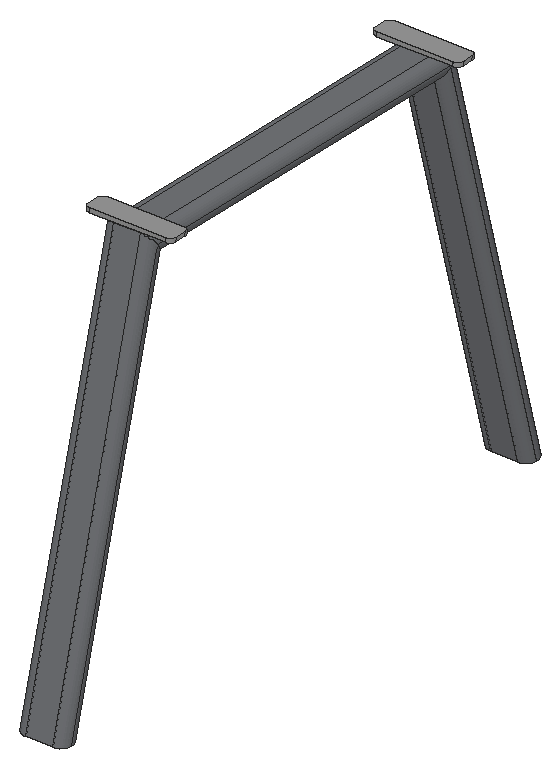
Revit family "FU_Table_Sandler_Plania_PL30240", category Furniture, Revit 2020
Family settings
  OmniClass Number = 23.40.20.00
  OmniClass Title = General Furniture and Specialties
  Work Plane-Based = No
  Always vertical = Yes
  Cut with Voids When Loaded = No
  Shared = No
  Room Calculation Point = No
Parameters (values of type "PL30140")
  Width = 145 mm
  URL = "https://www.sandlerseating.com/product/pl30240/"
  Model = "Plania PL30240"
  Manufacturer = "Sandler"
  Height = 691.322 mm
  Description = "75cm / 30″ high aluminium trestle legs with cable way out for 120cm / 48″ wide Plania table tops. Epoxy finish."
  Depth = 995 mm
  Default Elevation = 0 mm
  Aluminum = M2_G49
Reference planes
  plane 1 "Center (Front/Back)": y = 0
  plane 2: z = 0
  plane 3 "Center (Left/Right)": x = 0
  plane 4 "Right": x = -72.5
  plane 5 "Left": x = 72.5
  plane 6 "Back": y = 497.5
  plane 7 "Front": y = -497.5
  plane 8 "Height": z = 691.322
  plane 9 "Seat height": z = 400
  plane 10 "Leg Right Edge": x = -40.5
  plane 11 "Leg Left Edge": x = 40.5
  plane 12 "Right Leg Angle RIGHT": through (4267.2, -479.116, 8.5) normal (0, -0.9659, 0.2588)
  plane 13 "Left Leg Angle LEFT": through (4267.2, 479.116, 8.5) normal (0, -0.9659, -0.2588)
  plane 14 "Top Leg Center RIGHT": z = 667.222
  plane 15 "Glide Height": z = 5.5
  plane 16 "Support Top": z = 685.322
Forms (mm)
  Extrusion 1, solid, material "Rubber, Black"
    sketch origin (0, 0, 691.322) x (-1, 0, 0) y (0, -1, 0)
      loop
        arc (62.5, -315.008) -> (69.571, -312.079) -> (72.5, -305.008) r 10
        line (72.5, -305.008) -> (72.5, -287.508)
        arc (72.5, -287.508) -> (69.571, -280.436) -> (62.5, -277.508) r 10
        line (62.5, -277.508) -> (-62.5, -277.508)
        arc (-62.5, -277.508) -> (-69.571, -280.436) -> (-72.5, -287.508) r 10
        line (-72.5, -287.508) -> (-72.5, -305.008)
        arc (-72.5, -305.008) -> (-69.571, -312.079) -> (-62.5, -315.008) r 10
        line (-62.5, -315.008) -> (62.5, -315.008)
    from -6 to 0
  Extrusion 2, solid, material "Rubber, Black"
    sketch origin (0, 0, 691.322) x (-1, 0, 0) y (0, -1, 0)
      loop
        line (62.5, 315.008) -> (-62.5, 315.008)
        arc (-62.5, 315.008) -> (-69.571, 312.079) -> (-72.5, 305.008) r 10
        line (-72.5, 305.008) -> (-72.5, 287.508)
        arc (-72.5, 287.508) -> (-69.571, 280.436) -> (-62.5, 277.508) r 10
        line (-62.5, 277.508) -> (62.5, 277.508)
        arc (62.5, 277.508) -> (69.571, 280.436) -> (72.5, 287.508) r 10
        line (72.5, 287.508) -> (72.5, 305.008)
        arc (72.5, 305.008) -> (69.571, 312.079) -> (62.5, 315.008) r 10
    from -6 to 0
  Revolve 3, solid, material "Rubber, Black"
    sketch origin (0, 0, 0) x (0, 1, 0) y (0, 0, 1)
      loop
        line (-487.375, 5.5) -> (-487.375, -0.018) -> (-481.283, -0.018) -> (-481.283, 5.5) -> (-487.375, 5.5)
      axis (-481.283, 5.5) -> (-481.283, -0.018)
    angle from 0 to 360
  Revolve 4, solid, material "Rubber, Black"
    sketch origin (0, 0, 0) x (0, -1, 0) y (0, 0, 1)
      loop
        line (-487.375, 5.5) -> (-487.375, -0.018) -> (-481.283, -0.018) -> (-481.283, 5.5) -> (-487.375, 5.5)
      axis (-481.283, 5.5) -> (-481.283, -0.018)
    angle from 0 to 360
  Extrusion 5, void
    sketch origin (0, 0, 0) x (0, 1, 0) y (0, 0, 1)
      loop
        line (-499.18, -9.5) -> (-454.958, -9.5) -> (-454.958, 5.5) -> (-499.18, 5.5) -> (-499.18, -9.5)
    from -72.5 to 72.5
  Extrusion 6, void
    sketch origin (0, 0, 0) x (0, -1, 0) y (0, 0, -1)
      loop
        line (-499.18, 9.5) -> (-499.18, -5.5) -> (-454.958, -5.5) -> (-454.958, 9.5) -> (-499.18, 9.5)
    from -72.5 to 72.5
  Sweep 7, solid, material "M2_G49" <- "Aluminum"
    path origin (0, 0, 0) x (0, 1, 0) y (0, 0, 1)
      loop
        line (-481.283, -0.018) -> (-302.496, 667.222) -> (302.611, 667.222) -> (481.398, -0.018)
    profile "Pro Lozenge : W80xH35" origin (0, -391.89, 333.602) x (0, -0.965926, 0.258819) y (1, 0, 0)
      loop
        arc (-17.48, -22.6) -> (-12.381, -34.911) -> (-0.07, -40.01) r 17.41
        arc (-0.07, -40.01) -> (12.361, -34.638) -> (17.48, -22.1) r 17.913
        line (17.48, -22.1) -> (17.48, 22.6)
        arc (17.48, 22.6) -> (12.331, 34.96) -> (-0.07, 40.01) r 17.41
        arc (-0.07, 40.01) -> (-12.381, 34.911) -> (-17.48, 22.6) r 17.41
        line (-17.48, 22.6) -> (-17.48, -22.6)
Cuts and joins
  Extrusion 6 cuts Revolve 3
  Extrusion 5, Extrusion 6 cuts Sweep 7
Dimensions and locks
  equal spacing: plane 4 "Right", plane 3 "Center (Left/Right)", plane 5 "Left"
  "Width": plane 4 "Right" to plane 5 "Left"
  equal spacing: plane 6 "Back", plane 1 "Center (Front/Back)", plane 7 "Front"
  "Depth": plane 6 "Back" to plane 7 "Front"
  "Height": plane 8 "Height" to level
  plane 9 "Seat height" to level = 400 mm
  aligned and locked: level to plane 2
  aligned and locked: plane 16 "Support Top" to Extrusion 1
  aligned and locked: plane 8 "Height" to Extrusion 1
Automatic sketch dimensions
  Extrusion 1 sketch curve to plane 5 "Left" = 0 mm
  Extrusion 1 sketch curve to plane 4 "Right" = 0 mm
  plane 5 "Left" to Extrusion 1 sketch curve = 10 mm  (x2)
  Extrusion 1 sketch curve to Extrusion 1 sketch curve = 10 mm
  Extrusion 1 sketch curve to plane 4 "Right" = 10 mm
  Extrusion 1 sketch curve to plane 6 "Back" = 182.492 mm
  Extrusion 1 sketch curve to Extrusion 1 sketch curve = 17.5 mm
  Extrusion 2 sketch curve to plane 5 "Left" = 0 mm
  Extrusion 2 sketch curve to plane 4 "Right" = 0 mm
  Extrusion 2 sketch curve to plane 5 "Left" = 10 mm  (x2)
  Extrusion 2 sketch curve to Extrusion 2 sketch curve = 10 mm  (x2)
  Extrusion 2 sketch curve to plane 7 "Front" = 182.492 mm
  Extrusion 2 sketch curve to Extrusion 2 sketch curve = 17.5 mm
  Revolve 3 sketch curve to plane 15 "Glide Height" = 0 mm  (x2)
  plane 7 "Front" to Revolve 3 sketch curve = 10.125 mm
  Revolve 3 sketch curve to Revolve 3 sketch curve = 6.092 mm
  Revolve 3 sketch curve to level = 0.018 mm
  Revolve 3 sketch curve to Revolve 3 sketch curve = 0 mm
  Revolve 3 sketch curve to Revolve 3 sketch curve = 9.482 mm
  Revolve 4 sketch curve to plane 15 "Glide Height" = 0 mm  (x2)
  plane 6 "Back" to Revolve 4 sketch curve = 10.125 mm
  Revolve 4 sketch curve to Revolve 4 sketch curve = 6.092 mm
  level to Revolve 4 sketch curve = 0.018 mm
  Revolve 4 sketch curve to Revolve 4 sketch curve = 0 mm
  Revolve 4 sketch curve to Revolve 4 sketch curve = 9.482 mm
  Extrusion 5 sketch curve to plane 15 "Glide Height" = 0 mm
  Extrusion 5 sketch curve to plane 7 "Front" = 1.68 mm
  plane 7 "Front" to Extrusion 5 sketch curve = 42.542 mm
  Extrusion 5 sketch curve to level = 9.5 mm
  Extrusion 6 sketch curve to plane 15 "Glide Height" = 0 mm
  Extrusion 6 sketch curve to plane 6 "Back" = 1.68 mm
  plane 6 "Back" to Extrusion 6 sketch curve = 42.542 mm
  level to Extrusion 6 sketch curve = 9.5 mm
  plane 14 "Top Leg Center RIGHT" to Sweep 7 sketch curve = 0 mm
  Sweep 7 sketch curve to plane 13 "Left Leg Angle LEFT" = 0 mm
  plane 13 "Left Leg Angle LEFT" to Sweep 7 sketch curve = 0 mm
  plane 7 "Front" to Sweep 7 sketch curve = 195.004 mm
  Sweep 7 sketch curve to level = 0.018 mm  (x2)
  plane 7 "Front" to Sweep 7 sketch curve = 16.217 mm
